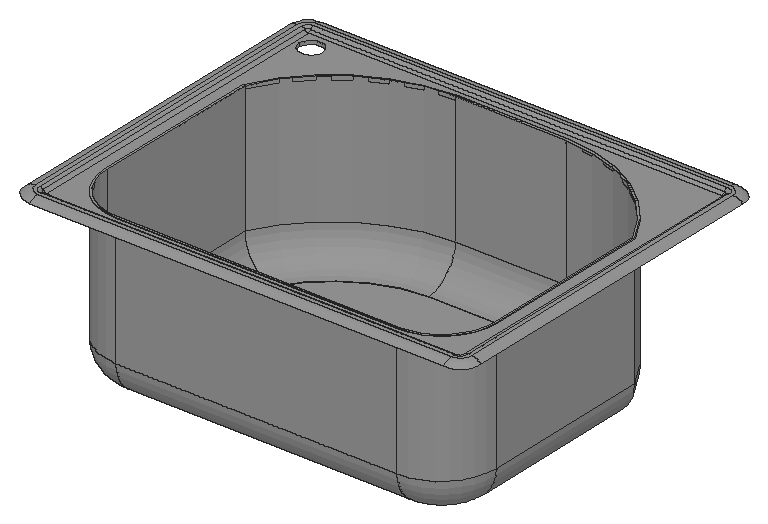
Revit family "MIT-35 SSL", category Generic Models, host Face, Revit 2013
Parameters
  Default Elevation = 1219.2 mm
Reference planes
  plane 1 "Center (Front/Back)": y = 0
  plane 2: z = 0
  plane 3 "Center (Left/Right)": x = 0
Forms (mm)
  Extrusion 1, solid
    sketch origin (0, 0, 0) x (1, 0, 0) y (0, 1, 0)
      loop
        arc (-270, 225) -> (-277.071, 222.071) -> (-280, 215) r 10
        line (-280, 215) -> (-280, -215)
        arc (-280, -215) -> (-277.071, -222.071) -> (-270, -225) r 10
        line (-270, -225) -> (270, -225)
        arc (270, -225) -> (277.071, -222.071) -> (280, -215) r 10
        line (280, -215) -> (280, 215)
        arc (280, 215) -> (277.071, 222.071) -> (270, 225) r 10
        line (270, 225) -> (-270, 225)
    from -2 to 0
  Sweep 2, solid, material "Steel, Polished"
    path origin (0, 0, 0) x (1, 0, 0) y (0, 1, 0)
      loop
        arc (-261.5, 207.5) -> (-262.207, 207.207) -> (-262.5, 206.5) r 1
        line (-262.5, 206.5) -> (-262.5, -206.5)
        arc (-262.5, -206.5) -> (-262.207, -207.207) -> (-261.5, -207.5) r 1
        line (-261.5, -207.5) -> (261.5, -207.5)
        arc (261.5, -207.5) -> (262.207, -207.207) -> (262.5, -206.5) r 1
        line (262.5, -206.5) -> (262.5, 206.5)
        arc (262.5, 206.5) -> (262.207, 207.207) -> (261.5, 207.5) r 1
        line (261.5, 207.5) -> (-261.5, 207.5)
    profile origin (0, 207.5, 0) x (0, 1, 0) y (0, 0, 1)
      loop
        arc (25.095, 0) -> (19.429, 3.789) -> (12.72, 5) r 16.713
        line (12.72, 5) -> (7.72, 5)
        arc (7.72, 5) -> (5.375, 4.393) -> (3.617, 2.726) r 4.838
        arc (3.617, 2.726) -> (2.061, 1.028) -> (0, 0) r 6.319
        line (0, 0) -> (25.095, 0)
  Extrusion 3, void
    sketch origin (0, 0, 0) x (1, 0, 0) y (0, 1, 0)
      loop
        line (-275, 219) -> (-275, -219) -> (275, -219) -> (275, 219) -> (-275, 219)
    from -444.428 to 250
  Sweep 4, solid, material "Steel, Polished"
    path origin (0, 0, 0) x (1, 0, 0) y (0, 1, 0)
      loop
        arc (-247.5, -131.5) -> (-226.997, -180.997) -> (-177.5, -201.5) r 70
        line (-177.5, -201.5) -> (177.5, -201.5)
        arc (177.5, -201.5) -> (226.997, -180.997) -> (247.5, -131.5) r 70
        line (247.5, -131.5) -> (247.5, 86.5)
        arc (247.5, 86.5) -> (174.863, 168.566) -> (70.333, 201.5) r 205.051
        line (70.333, 201.5) -> (-70.333, 201.5)
        arc (-70.333, 201.5) -> (-174.863, 168.566) -> (-247.5, 86.5) r 205.051
        line (-247.5, 86.5) -> (-247.5, -131.5)
    profile origin (-247.5, -22.5, 0) x (-1, 0, 0) y (0, 0, 1)
      loop
        line (0, 0) -> (-2, 0) -> (-2, -165)
        arc (-2, -165) -> (-14.594, -195.406) -> (-45, -208) r 43
        line (-45, -208) -> (-45, -210)
        arc (-45, -210) -> (-13.18, -196.82) -> (0, -165) r 45
        line (0, -165) -> (0, 0)
  Extrusion 5, solid, material "Steel, Polished"
    sketch origin (0, 0, 0) x (1, 0, 0) y (0, 1, 0)
      loop
        line (-202.5, 75.424) -> (-202.5, -131.5)
        arc (-202.5, -131.5) -> (-195.178, -149.178) -> (-177.5, -156.5) r 25
        line (-177.5, -156.5) -> (177.5, -156.5)
        arc (177.5, -156.5) -> (195.178, -149.178) -> (202.5, -131.5) r 25
        line (202.5, -131.5) -> (202.5, 75.424)
        arc (202.5, 75.424) -> (146.53, 133.232) -> (69.504, 156.5) r 160.051
        line (69.504, 156.5) -> (-69.504, 156.5)
        arc (-69.504, 156.5) -> (-146.53, 133.232) -> (-202.5, 75.424) r 160.051
    from -208 to -210
  Extrusion 6, solid, material "Steel, Polished"
    sketch origin (0, 0, 0) x (1, 0, 0) y (0, 1, 0)
      loop
        line (-245.5, 86.037) -> (-245.5, -131.5)
        arc (-245.5, -131.5) -> (-225.583, -179.583) -> (-177.5, -199.5) r 68
        line (-177.5, -199.5) -> (177.5, -199.5)
        arc (177.5, -199.5) -> (225.583, -179.583) -> (245.5, -131.5) r 68
        line (245.5, -131.5) -> (245.5, 86.037)
        arc (245.5, 86.037) -> (173.595, 167.005) -> (70.298, 199.5) r 203.051
        line (70.298, 199.5) -> (-70.281, 199.501)
        arc (-70.281, 199.501) -> (-173.588, 167.01) -> (-245.5, 86.037) r 203.051
      loop
        line (262.5, 207.5) -> (-262.5, 207.5) -> (-262.5, -207.5) -> (262.5, -207.5) -> (262.5, 207.5)
    from 0 to -4.172
  Extrusion 7, solid, material "Steel, Polished"
    sketch origin (0, 0, 0) x (1, 0, 0) y (0, 1, 0)
      loop
        circle (0, -17.295) r 35
      loop
        circle (0, -17.295) r 25
    from -207.24 to -210
  Extrusion 8, void
    sketch origin (0, 0, 0) x (1, 0, 0) y (0, 1, 0)
      loop
        line (-6.47, 6.853) -> (-1.294, -12.466)
        arc (-1.294, -12.466) -> (-0.653, -12.338) -> (0, -12.295) r 5
        line (0, -12.295) -> (0, 7.705)
        arc (0, 7.705) -> (-3.263, 7.491) -> (-6.47, 6.853) r 25
    from -91.216 to -445.062
  Extrusion 9, void
    sketch origin (8.648, -2.317, 0) x (0.866025, -0.5, 0) y (0.5, 0.866025, 0)
      loop
        line (-6.47, 6.853) -> (-1.294, -12.466)
        arc (-1.294, -12.466) -> (-0.653, -12.338) -> (0, -12.295) r 5
        line (0, -12.295) -> (0, 7.705)
        arc (0, 7.705) -> (-3.263, 7.491) -> (-6.47, 6.853) r 25
    from -91.216 to -445.062
  Extrusion 10, void
    sketch origin (-8.648, -2.317, 0) x (0.866025, 0.5, 0) y (-0.5, 0.866025, 0)
      loop
        line (-6.47, 6.853) -> (-1.294, -12.466)
        arc (-1.294, -12.466) -> (-0.653, -12.338) -> (0, -12.295) r 5
        line (0, -12.295) -> (0, 7.705)
        arc (0, 7.705) -> (-3.263, 7.491) -> (-6.47, 6.853) r 25
    from -91.216 to -445.062
  Extrusion 11, void
    sketch origin (-14.978, -8.648, 0) x (0.5, 0.866025, 0) y (-0.866025, 0.5, 0)
      loop
        line (-6.47, 6.853) -> (-1.294, -12.466)
        arc (-1.294, -12.466) -> (-0.653, -12.338) -> (0, -12.295) r 5
        line (0, -12.295) -> (0, 7.705)
        arc (0, 7.705) -> (-3.263, 7.491) -> (-6.47, 6.853) r 25
    from -91.216 to -445.062
  Extrusion 12, void
    sketch origin (-17.295, -17.295, 0) x (0, 1, 0) y (-1, 0, 0)
      loop
        line (-6.47, 6.853) -> (-1.294, -12.466)
        arc (-1.294, -12.466) -> (-0.653, -12.338) -> (0, -12.295) r 5
        line (0, -12.295) -> (0, 7.705)
        arc (0, 7.705) -> (-3.263, 7.491) -> (-6.47, 6.853) r 25
    from -91.216 to -445.062
  Extrusion 13, void
    sketch origin (-14.978, -25.943, 0) x (-0.5, 0.866025, 0) y (-0.866025, -0.5, 0)
      loop
        line (-6.47, 6.853) -> (-1.294, -12.466)
        arc (-1.294, -12.466) -> (-0.653, -12.338) -> (0, -12.295) r 5
        line (0, -12.295) -> (0, 7.705)
        arc (0, 7.705) -> (-3.263, 7.491) -> (-6.47, 6.853) r 25
    from -91.216 to -445.062
  Extrusion 14, void
    sketch origin (-8.648, -32.274, 0) x (-0.866025, 0.5, 0) y (-0.5, -0.866025, 0)
      loop
        line (-6.47, 6.853) -> (-1.294, -12.466)
        arc (-1.294, -12.466) -> (-0.653, -12.338) -> (0, -12.295) r 5
        line (0, -12.295) -> (0, 7.705)
        arc (0, 7.705) -> (-3.263, 7.491) -> (-6.47, 6.853) r 25
    from -91.216 to -445.062
  Extrusion 15, void
    sketch origin (0, -34.591, 0) x (-1, 0, 0) y (0, -1, 0)
      loop
        line (-6.47, 6.853) -> (-1.294, -12.466)
        arc (-1.294, -12.466) -> (-0.653, -12.338) -> (0, -12.295) r 5
        line (0, -12.295) -> (0, 7.705)
        arc (0, 7.705) -> (-3.263, 7.491) -> (-6.47, 6.853) r 25
    from -91.216 to -445.062
  Extrusion 16, void
    sketch origin (8.648, -32.274, 0) x (-0.866025, -0.5, 0) y (0.5, -0.866025, 0)
      loop
        line (-6.47, 6.853) -> (-1.294, -12.466)
        arc (-1.294, -12.466) -> (-0.653, -12.338) -> (0, -12.295) r 5
        line (0, -12.295) -> (0, 7.705)
        arc (0, 7.705) -> (-3.263, 7.491) -> (-6.47, 6.853) r 25
    from -91.216 to -445.062
  Extrusion 17, void
    sketch origin (14.978, -25.943, 0) x (-0.5, -0.866025, 0) y (0.866025, -0.5, 0)
      loop
        line (-6.47, 6.853) -> (-1.294, -12.466)
        arc (-1.294, -12.466) -> (-0.653, -12.338) -> (0, -12.295) r 5
        line (0, -12.295) -> (0, 7.705)
        arc (0, 7.705) -> (-3.263, 7.491) -> (-6.47, 6.853) r 25
    from -91.216 to -445.062
  Extrusion 18, void
    sketch origin (17.295, -17.295, 0) x (0, -1, 0) y (1, 0, 0)
      loop
        line (-6.47, 6.853) -> (-1.294, -12.466)
        arc (-1.294, -12.466) -> (-0.653, -12.338) -> (0, -12.295) r 5
        line (0, -12.295) -> (0, 7.705)
        arc (0, 7.705) -> (-3.263, 7.491) -> (-6.47, 6.853) r 25
    from -91.216 to -445.062
  Extrusion 19, void
    sketch origin (14.978, -8.648, 0) x (0.5, -0.866025, 0) y (0.866025, 0.5, 0)
      loop
        line (-6.47, 6.853) -> (-1.294, -12.466)
        arc (-1.294, -12.466) -> (-0.653, -12.338) -> (0, -12.295) r 5
        line (0, -12.295) -> (0, 7.705)
        arc (0, 7.705) -> (-3.263, 7.491) -> (-6.47, 6.853) r 25
    from -91.216 to -445.062
  Extrusion 20, void
    sketch origin (0, 0, 0) x (-1, 0, 0) y (0, -1, 0)
      loop
        circle (241.25, -185.875) r 15
    from 43.955 to -93.624
Cuts and joins
  Extrusion 3 cuts Extrusion 1
  Extrusion 20 cuts Extrusion 6
  Extrusion 8, Extrusion 9, Extrusion 10, Extrusion 11, Extrusion 12, Extrusion 13, Extrusion 14, Extrusion 15, Extrusion 16, Extrusion 17, Extrusion 18, Extrusion 19 cuts Extrusion 5
  Extrusion 9, Extrusion 10, Extrusion 11, Extrusion 12, Extrusion 13, Extrusion 14, Extrusion 15, Extrusion 16, Extrusion 17, Extrusion 18, Extrusion 19 cuts Extrusion 7
Lines and regions (mm)
  reference lines
    curve 1: line (0, 2097.409, 5) -> (0, -3902.591, 5)
    curve 2: line (-1599.2, 0, -2) -> (3900.8, 0, -2)
    curve 3: line (-1599.2, 0, 5) -> (3900.8, 0, 5)
    curve 4: line (-1599.2, 0, -210) -> (3900.8, 0, -210)
Dimensions and locks
  aligned and locked: plane 2 to host face
  aligned and locked: level to host face
